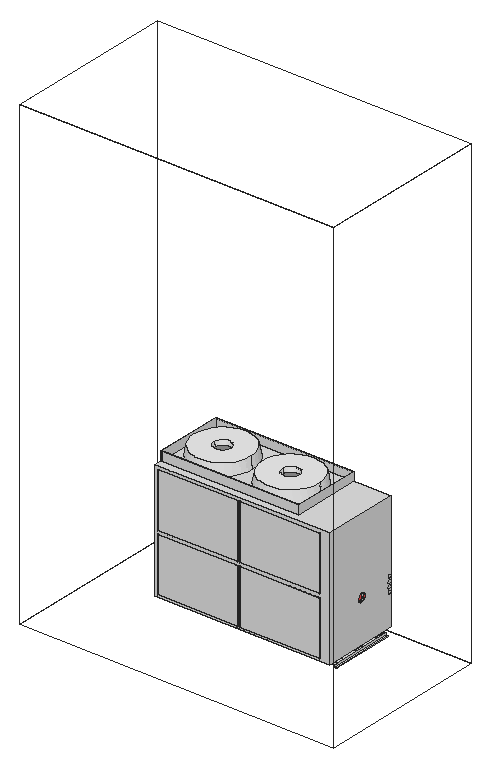
Revit family "HeatPump_AirToWater_Rheem_30kW_Vertical_LowGWP", category Mechanical Equipment, Revit 2021
Family settings
  Round Connector Dimension = Use Diameter
  Classification = None
  Part Type = Normal
  OmniClass Number = 23.33.17.00
  OmniClass Title = Heat Pumps
  Work Plane-Based = No
  Always vertical = Yes
  Cut with Voids When Loaded = No
  Shared = No
  Room Calculation Point = No
Parameters (values of type "Ducted (95203500)")
  Voltage = 230 V
  Uniclass2015Version = "v1.33"
  Uniclass2015Title = "Air to water heat pumps"
  Uniclass2015Code = "Pr_70_60_37_04"
  URL = "https://www.rheem.com.au/rheem/"
  Type Comments = "HeatPump - AirToWater - 35kW - Vertical - Ducted"
  ScreenMaterial = Metal_Vent_Rheem_HeatPump_Wire
  RequiredSpace [instance] = yes
  PowerFactor = 1
  ModifiedIssue = 20240801
  Model = "95203500"
  ManufacturerURLProductSpecific = "https://www.rheem.com.au/rheem/products/Commercial/Commercial-Heat-Pumps/Rheem-Commercial-Air-To-Water-Heat-Pumps/Air-to-Water-%28A2W%29-35kW-Commercial-Heat-Pump--Ducted/p/95203500"
  ManufacturerSpecCode = Model  # "95203500"
  ManufacturerOverallWidth = 1857 mm  # constant formula
  ManufacturerOverallHeight = 1404 mm  # constant formula
  ManufacturerOverallDepth = 807 mm  # constant formula
  ManufacturerHeightFromFFL [instance] = 0 mm
  Manufacturer = "Rheem"  # constant formula
  IfcExportType = "USERDEFINED"
  IfcExportAs = "IfcPump"
  FanMaterial = none
  FanHeight = 114 mm  # constant formula
  FanFrame = yes
  Description = "Rheem's Commercial Air to Water (A2W) Heat Pump is designed with the commercial user in mind. A truly commercial grade heat pump that delivers hot water up to 65°C with a system Coefficient of Performance (COP) up to 4.0 at 20°C ambient. Ducted models are designed to be connected to ducting to convey cold discharge air away from the heat pump air inlet if a sufficient supply of heat energy is not available in the installation area. Models are also available in vertical, horizontal and stackable options."
  Default Elevation = 0 mm
  CreatedByURL = "https://igsgroup.com.au"
  CreatedBy = "IGS BIM Solutions"  # constant formula
  BodyMaterial = Aluminium_PowderCoat_Rheem_White
  Assembly Code = "D3020"
  ApparentLoad = 29.78 VA
Reference planes
  plane 1 "Center (Front/Back)": y = 0
  plane 2 "Ref. Level": z = 0
  plane 3 "Center (Left/Right)": x = -9.5
  plane 4 "Back": y = 403.5
  plane 5 "Front": y = -403.5
  plane 6 "BodyRight": x = 919
  plane 7 "BodyLeft": x = -919
  plane 8 "Bottom": z = 0
  plane 9 "Centre (Elevation)": z = 1551
  plane 10 "Top": z = 1404
  plane 11 "PlinthTop": z = 49
  plane 12 "Plint": z = 24.5
  plane 13 "BodyTop": z = 1290
  plane 14 "FanFrameLeft": x = 533
  plane 15 "Connector1": z = 199
  plane 16 "Connector2": z = 528
  plane 17 "FanLeft": x = -561
  plane 18 "FanRight": x = 159
  plane 19 "RequiredSpaceLeft": x = -1538
  plane 20 "RequiredSpaceRight": x = 1769
  plane 21 "RequiredSpaceTop": z = 4904
  plane 22 "RequiredSpaceFront": y = -1403.5
  plane 23 "FanTop": z = 1380
  plane 24 "Left": x = -938
  plane 25 "BackRef1": z = 184
  plane 26 "BackRef2": z = 544
  plane 27 "BackRef3": z = 744
  plane 28 "BackRef4": z = 1104
  plane 29 "LogoCentreTop": z = 1140
  plane 30 "LogoCentreBottom": z = 500
Forms (mm)
  Extrusion 1, solid, material "Aluminium_PowderCoat_Rheem_White" <- "BodyMaterial"
    sketch origin (0, 0, 0) x (0, -1, 0) y (1, 0, 0)
      loop
        line (-403.5, -919) -> (398.5, -919) -> (398.5, 919) -> (-403.5, 919) -> (-403.5, -919)
    from 49 to 1290
  Extrusion 2, solid, material "Metal_Vent_Rheem_HeatPump_Wire" <- "ScreenMaterial"
    sketch origin (-33.5, -403.5, 0) x (1, 0, 0) y (0, 0, 1)
      loop
        line (-855.5, 679.5) -> (-16.5, 679.5) -> (-16.5, 1260) -> (-855.5, 1260) -> (-855.5, 679.5)
      loop
        line (-855.5, 69) -> (-16.5, 69) -> (-16.5, 649.5) -> (-855.5, 649.5) -> (-855.5, 69)
      loop
        line (852.5, 679.5) -> (852.5, 1260) -> (13.5, 1260) -> (13.5, 679.5) -> (852.5, 679.5)
      loop
        line (13.5, 69) -> (852.5, 69) -> (852.5, 649.5) -> (13.5, 649.5) -> (13.5, 69)
    from 0 to -5
  Extrusion 3, solid, material "RequiredSpace", visible <- "RequiredSpace"
    sketch origin (0, 0, 0) x (0, -1, 0) y (-1, 0, 0)
      loop
        line (-403.5, 1538) -> (-403.5, -1769) -> (1403.5, -1769) -> (1403.5, 1538) -> (-403.5, 1538)
    from 0 to -4904
  Extrusion 4, solid, material "Aluminium_PowderCoat_Rheem_White" <- "BodyMaterial"
    sketch origin (0, -403.5, 0) x (1, 0, 0) y (0, 0, 1)
      loop
        line (-919, 1290) -> (-919, 49) -> (919, 49) -> (919, 1290) -> (-919, 1290)
      loop
        line (-889, 679.5) -> (-50, 679.5) -> (-50, 1260) -> (-889, 1260) -> (-889, 679.5)
      loop
        line (-20, 679.5) -> (819, 679.5) -> (819, 1260) -> (-20, 1260) -> (-20, 679.5)
      loop
        line (819, 649.5) -> (-20, 649.5) -> (-20, 69) -> (819, 69) -> (819, 649.5)
      loop
        line (-50, 649.5) -> (-889, 649.5) -> (-889, 69) -> (-50, 69) -> (-50, 649.5)
    from 0 to -5
  Extrusion 5, solid, material "Aluminium_PowderCoat_Rheem_White" <- "BodyMaterial", visible <- "FanFrame"
    sketch origin (0, 0, 1290) x (0, -1, 0) y (1, 0, 0)
      loop
        line (-403.5, -919) -> (319.5, -919) -> (319.5, 533) -> (-403.5, 533) -> (-403.5, -919)
      loop
        line (-398.5, -914) -> (314.5, -914) -> (314.5, 528) -> (-398.5, 528) -> (-398.5, -914)
    from 0 to 90
  Extrusion 6, solid, material "Aluminium_PowderCoat_Rheem_White" <- "BodyMaterial"
    sketch origin (-9.5, 0, 0) x (0, 1, 0) y (0, 0, 1)
      loop
        line (-207.395, 49) -> (-237.395, 49) -> (-237.395, 29.5) -> (-307.414, 29.5) -> (-307.414, 49) -> (-337.5, 49) -> (-337.5, 44) -> (-312.5, 44) -> (-312.5, 24.5) -> (-232.395, 24.5) -> (-232.395, 44) -> (-207.395, 44) -> (-207.395, 49)
      loop
        line (337.5, 49) -> (307.5, 49) -> (307.5, 29.5) -> (237.481, 29.5) -> (237.481, 49) -> (207.395, 49) -> (207.395, 44) -> (232.395, 44) -> (232.395, 24.5) -> (312.5, 24.5) -> (312.5, 44) -> (337.5, 44) -> (337.5, 49)
      loop
        line (65.052, 49) -> (35.052, 49) -> (35.052, 29.5) -> (-34.967, 29.5) -> (-34.967, 49) -> (-65.052, 49) -> (-65.052, 44) -> (-40.052, 44) -> (-40.052, 24.5) -> (40.052, 24.5) -> (40.052, 44) -> (65.052, 44) -> (65.052, 49)
    from -928.5 to 928.5
  Extrusion 7, solid, material "Aluminium_PowderCoat_Rheem_White", detail levels medium+fine
    sketch origin (-919, -104, 0) x (0, 1, 0) y (0, 0, 1)
      loop
        circle (368.5, 199) r 25
      loop
        circle (368.5, 528) r 25
    from -71 to 0
  Extrusion 8, solid, material "Aluminium_PowderCoat_Rheem_White", detail levels medium+fine
    sketch origin (-919, -487, 0) x (0, 1, 0) y (0, 0, 1)
      loop
        circle (248.5, 59) r 10
    from -50 to 0
  Extrusion 9, solid, material "Aluminium_PowderCoat_Rheem_White", detail levels medium+fine
    sketch origin (919, 0, -134) x (0, 1, 0) y (0, 0, 1)
      loop
        circle (376.5, 678) r 15
      loop
        circle (376.5, 628) r 15
      loop
        circle (376.5, 578) r 15
      loop
        circle (376.5, 528) r 15
    from 0 to 5
  Extrusion 10, void
    sketch origin (0, 0, 0) x (1, 0, 0) y (0, 0, 1)
      loop
        line (-938, 49) -> (-938, 24.5) -> (-885.46, 49) -> (-938, 49)
      loop
        line (919, 49) -> (866.46, 49) -> (919, 24.5) -> (919, 49)
    from 337.5 to -337.5
  Extrusion 11, solid, material "Aluminium_PowderCoat_Rheem_White" <- "BodyMaterial"
    sketch origin (0, 0, 0) x (1, 0, 0) y (0, 0, 1)
      loop
        line (944, 0) -> (944, 5) -> (919, 5) -> (919, 24.5) -> (839, 24.5) -> (839, 5) -> (814, 5) -> (814, 0) -> (844, 0) -> (844, 19.5) -> (914, 19.5) -> (914, 0) -> (944, 0)
    from -337.5 to 337.5
Cuts and joins
  Extrusion 10 cuts Extrusion 1
  Extrusion 10 cuts Extrusion 4
  joined: Extrusion 1, Extrusion 4
  Extrusion 10 cuts Extrusion 6
Lines and regions (mm)
  Masking region 1
    outline origin (0, 0, 1290) x (0, -1, 0) y (1, 0, 0)
      loop
        line (-403.5, -919) -> (-312.5, -919) -> (-312.5, -938) -> (-232.395, -938) -> (-232.395, -919) -> (-40.052, -919) -> (-40.052, -938) -> (40.052, -938) -> (40.052, -919) -> (232.395, -919) -> (232.395, -938) -> (312.5, -938) -> (312.5, -919) -> (403.5, -919) -> (403.5, 919) -> (337.5, 919) -> (337.5, 944) -> (-337.5, 944) -> (-337.5, 919) -> (-403.5, 919) -> (-403.5, -919)
  model lines, detail levels medium+fine
    curve 1: line (-739, 403.5, 1104) -> (739, 403.5, 1104)
    curve 2: arc (739, 403.5, 1104) -> (795.569, 403.5, 1080.569) -> (819, 403.5, 1024) r 80
    curve 3: line (819, 403.5, 1024) -> (819, 403.5, 824)
    curve 4: arc (819, 403.5, 824) -> (795.569, 403.5, 767.431) -> (739, 403.5, 744) r 80
    curve 5: line (739, 403.5, 744) -> (-739, 403.5, 744)
    curve 6: arc (-739, 403.5, 744) -> (-795.569, 403.5, 767.431) -> (-819, 403.5, 824) r 80
    curve 7: line (-819, 403.5, 824) -> (-819, 403.5, 1024)
    curve 8: arc (-819, 403.5, 1024) -> (-795.569, 403.5, 1080.569) -> (-739, 403.5, 1104) r 80
    curve 9: line (-739, 403.5, 544) -> (739, 403.5, 544)
    curve 10: arc (739, 403.5, 544) -> (795.569, 403.5, 520.569) -> (819, 403.5, 464) r 80
    curve 11: line (819, 403.5, 464) -> (819, 403.5, 264)
    curve 12: arc (819, 403.5, 264) -> (795.569, 403.5, 207.431) -> (739, 403.5, 184) r 80
    curve 13: line (739, 403.5, 184) -> (-739, 403.5, 184)
    curve 14: arc (-739, 403.5, 184) -> (-795.569, 403.5, 207.431) -> (-819, 403.5, 264) r 80
    curve 15: line (-819, 403.5, 264) -> (-819, 403.5, 464)
    curve 16: arc (-819, 403.5, 464) -> (-795.569, 403.5, 520.569) -> (-739, 403.5, 544) r 80
  symbolic lines, style "Required Space", visible <- "RequiredSpace"
    curve 17: line (-1538, 403.5, 900) -> (1769, 403.5, 900)
    curve 18: line (-1538, -1403.5, 900) -> (-1538, 403.5, 900)
    curve 19: line (1769, -1403.5, 900) -> (-1538, -1403.5, 900)
    curve 20: line (1769, 403.5, 900) -> (1769, -1403.5, 900)
  symbolic lines, style "Plant Equipment", visible <- "FanFrame", detail levels medium+fine
    curve 21: line (533, -319.5, 1290) -> (-919, -319.5, 1290)
    curve 22: line (533, 403.5, 1290) -> (533, -319.5, 1290)
    curve 23: line (528, 398.5, 1290) -> (528, -314.5, 1290)
    curve 24: line (528, -314.5, 1290) -> (-914, -314.5, 1290)
    curve 25: line (-914, -314.5, 1290) -> (-914, 398.5, 1290)
    curve 26: line (-914, 398.5, 1290) -> (528, 398.5, 1290)
    curve 31: line (-919, -322.5, 1290) -> (-919, -319.5, 1290)
  symbolic lines, style "Plant Equipment", detail levels medium+fine
    curve 27: circle (159, 42, 1290) r 320 normal (0, 0, 1)
    curve 28: line (919, 337.5, 1290) -> (919, -337.5, 1290)
    curve 29: line (-919, 312.5, 1290) -> (-919, 232.5, 1290)
    curve 30: line (-919, -232.395, 1290) -> (-919, -312.5, 1290)
    curve 32: circle (159, 42, 1290) r 220 normal (0, 0, 1)
    curve 33: circle (159, 42, 1290) r 200 normal (0, 0, 1)
    curve 34: circle (159, 42, 1290) r 180 normal (0, 0, 1)
    curve 35: circle (159, 42, 1290) r 160 normal (0, 0, 1)
    curve 36: circle (159, 42, 1290) r 140 normal (0, 0, 1)
    curve 37: circle (159, 42, 1290) r 120 normal (0, 0, 1)
    curve 38: circle (159, 42, 1290) r 100 normal (0, 0, 1)
    curve 39: circle (159, 42, 1290) r 240 normal (0, 0, 1)
    curve 40: circle (159, 42, 1290) r 260 normal (0, 0, 1)
    curve 41: circle (159, 42, 1290) r 280 normal (0, 0, 1)
    curve 42: circle (159, 42, 1290) r 300 normal (0, 0, 1)
    curve 43: circle (159, 42, 1290) r 80 normal (0, 0, 1)
    curve 44: circle (-561, 42, 1290) r 320 normal (0, 0, 1)
    curve 45: circle (-561, 42, 1290) r 220 normal (0, 0, 1)
    curve 46: circle (-561, 42, 1290) r 200 normal (0, 0, 1)
    curve 47: circle (-561, 42, 1290) r 180 normal (0, 0, 1)
    curve 48: circle (-561, 42, 1290) r 160 normal (0, 0, 1)
    curve 49: circle (-561, 42, 1290) r 140 normal (0, 0, 1)
    curve 50: circle (-561, 42, 1290) r 120 normal (0, 0, 1)
    curve 51: circle (-561, 42, 1290) r 100 normal (0, 0, 1)
    curve 52: circle (-561, 42, 1290) r 240 normal (0, 0, 1)
    curve 53: circle (-561, 42, 1290) r 260 normal (0, 0, 1)
    curve 54: circle (-561, 42, 1290) r 280 normal (0, 0, 1)
    curve 55: circle (-561, 42, 1290) r 300 normal (0, 0, 1)
    curve 56: circle (-561, 42, 1290) r 80 normal (0, 0, 1)
    curve 57: line (-919, 40.052, 1290) -> (-919, -39.948, 1290)
  model lines, style "Plant Equipment", detail levels medium+fine
    curve 58: line (919, -303.5, 1290) -> (919, -303.5, 49)
    curve 59: line (919, 337.5, 1290) -> (919, 337.5, 49)
    curve 60: line (919, 337.5, 600) -> (919, -303.5, 600)
    curve 61: line (-919, 220.5, 1290) -> (-919, 220.5, 49)
    curve 62: line (-919, -198.5, 1290) -> (-919, -198.5, 49)
Text (mm)
  text "Disclaimer:\nDue to ongoing product development and manufacturing \nevolution, product details are subject to change without \nnotice. Please refer to product technical data sheets on \nthe manufacturers website for the most current product \ninformation. Please allow a +/- 5mm manufacturing \ntolerance for dimensions and set-outs shown in product \nliterature." at (985.527, 159.228, 0), in view "Ref. Level"
Dimensions and locks
  equal spacing: plane 24 "Left", plane 3 "Center (Left/Right)", plane 6 "BodyRight"
  equal spacing: plane 5 "Front", plane 1 "Center (Front/Back)", plane 4 "Back"
  "ManufacturerOverallDepth": plane 5 "Front" to plane 4 "Back"
  "ManufacturerOverallHeight": plane 10 "Top" to plane 8 "Bottom"
  "ManufacturerHeightFromFFL": plane 8 "Bottom" to plane 2 "Ref. Level"
  locked: plane 11 "PlinthTop" to plane 8 "Bottom" at 49
  equal spacing: plane 11 "PlinthTop", plane 12 "Plint", plane 8 "Bottom"
  locked: plane 17 "FanLeft" to plane 18 "FanRight" at 720
  locked: plane 21 "RequiredSpaceTop" to plane 10 "Top" at 3500
  locked: plane 22 "RequiredSpaceFront" to plane 5 "Front" at 1000
  locked: plane 19 "RequiredSpaceLeft" to plane 24 "Left" at 600
  plane 6 "BodyRight" to plane 20 "RequiredSpaceRight" = 850 mm
  locked: plane 24 "Left" to plane 7 "BodyLeft" at 19
  "ManufacturerOverallWidth": plane 24 "Left" to plane 6 "BodyRight"
  locked: plane 15 "Connector1" to plane 8 "Bottom" at 199
  plane 16 "Connector2" to plane 15 "Connector1" = 329 mm
  locked: plane 23 "FanTop" to plane 13 "BodyTop" at 90
  plane 25 "BackRef1" to plane 26 "BackRef2" to plane 27 "BackRef3" to plane 28 "BackRef4" = 360 mm locked, 200 mm locked, 360 mm locked
  locked: plane 11 "PlinthTop" to plane 25 "BackRef1" at 135
  plane 7 "BodyLeft" to plane 6 "BodyRight" = 1838 mm
  locked: plane 7 "BodyLeft" to plane 17 "FanLeft" at 358
  locked: plane 29 "LogoCentreTop" to plane 13 "BodyTop" at 150
  locked: plane 7 "BodyLeft" to plane 14 "FanFrameLeft" at 1452
  locked: plane 13 "BodyTop" to plane 8 "Bottom" at 1290
  locked: plane 30 "LogoCentreBottom" to plane 8 "Bottom" at 500
  aligned and locked: level to plane 2 "Ref. Level"
  aligned and locked: plane 11 "PlinthTop" to Extrusion 1
  aligned and locked: Extrusion 1 to plane 13 "BodyTop"
  aligned and locked: Extrusion 3 to plane 21 "RequiredSpaceTop"
  aligned and locked: curve 19 to plane 22 "RequiredSpaceFront"
  aligned and locked: Extrusion 3 sketch curve to plane 22 "RequiredSpaceFront"
  aligned and locked: plane 8 "Bottom" to Extrusion 3
  aligned and locked: Extrusion 3 to plane 4 "Back"
  aligned and locked: Extrusion 1 sketch curve to plane 4 "Back"
  aligned and locked: plane 11 "PlinthTop" to Extrusion 4
  aligned and locked: Extrusion 5 to plane 23 "FanTop"
  aligned and locked: plane 6 "BodyRight" to Extrusion 6
  aligned and locked: plane 24 "Left" to Extrusion 6
  aligned and locked: Extrusion 1 to plane 7 "BodyLeft"
  aligned and locked: Extrusion 4 to plane 7 "BodyLeft"
  aligned and locked: plane 15 "Connector1" to Extrusion 7 sketch curve
  aligned and locked: plane 16 "Connector2" to Extrusion 7 sketch curve
  aligned and locked: plane 24 "Left" to Extrusion 10 sketch curve
  aligned and locked: Extrusion 10 sketch curve to plane 11 "PlinthTop"
  aligned and locked: Extrusion 10 sketch curve to plane 6 "BodyRight"
  aligned and locked: plane 17 "FanLeft" to nested 1
  aligned and locked: plane 18 "FanRight" to nested 2
  aligned and locked: plane 29 "LogoCentreTop" to nested 4
  aligned and locked: plane 30 "LogoCentreBottom" to nested 3
  aligned and locked: Extrusion 10 to cut or joined group of Extrusion 6, Extrusion 10
  aligned and locked: Extrusion 2 sketch curve to cut or joined group of Extrusion 1, Extrusion 4, Extrusion 10  (x16)
  aligned and locked: plane 13 "BodyTop" to curve 62
  aligned and locked: plane 13 "BodyTop" to curve 61
  aligned and locked: plane 11 "PlinthTop" to curve 62
  aligned and locked: plane 11 "PlinthTop" to curve 61
Automatic sketch dimensions
  Extrusion 1 sketch curve to plane 7 "BodyLeft" = 0 mm
  Extrusion 1 sketch curve to plane 6 "BodyRight" = 0 mm
  Extrusion 1 sketch curve to plane 5 "Front" = 5 mm
  curve 9 to plane 26 "BackRef2" = 0 mm
  curve 8 to plane 28 "BackRef4" = 0 mm
  curve 5 to plane 27 "BackRef3" = 0 mm
  curve 14 to plane 25 "BackRef1" = 0 mm
  plane 7 "BodyLeft" to curve 7 = 100 mm
  plane 30 "LogoCentreBottom" to curve 15 = 36 mm
  plane 7 "BodyLeft" to curve 15 = 100 mm
  curve 14 to plane 15 "Connector1" = 65 mm
  curve 6 to curve 5 = 80 mm
  plane 28 "BackRef4" to curve 8 = 80 mm
  curve 9 to plane 6 "BodyRight" = 180 mm
  curve 1 to plane 6 "BodyRight" = 180 mm
  curve 12 to plane 15 "Connector1" = 65 mm
  curve 12 to plane 6 "BodyRight" = 180 mm
  curve 4 to plane 27 "BackRef3" = 80 mm
  curve 4 to plane 6 "BodyRight" = 180 mm
  plane 4 "Back" to Extrusion 3 sketch curve = 0 mm
  Extrusion 3 sketch curve to plane 19 "RequiredSpaceLeft" = 0 mm
  Extrusion 3 sketch curve to plane 20 "RequiredSpaceRight" = 0 mm
  plane 4 "Back" to curve 17 = 0 mm
  curve 19 to plane 19 "RequiredSpaceLeft" = 0 mm
  curve 19 to plane 20 "RequiredSpaceRight" = 0 mm
  Extrusion 4 sketch curve to plane 7 "BodyLeft" = 0 mm
  Extrusion 4 sketch curve to plane 6 "BodyRight" = 0 mm
  Extrusion 4 sketch curve to plane 11 "PlinthTop" = 0 mm
  Extrusion 4 sketch curve to plane 13 "BodyTop" = 0 mm
  plane 7 "BodyLeft" to Extrusion 4 sketch curve = 30 mm  (x2)
  Extrusion 4 sketch curve to plane 3 "Center (Left/Right)" = 40.5 mm  (x2)
  Extrusion 4 sketch curve to plane 11 "PlinthTop" = 20 mm  (x2)
  Extrusion 4 sketch curve to plane 3 "Center (Left/Right)" = 10.5 mm  (x2)
  Extrusion 4 sketch curve to plane 6 "BodyRight" = 100 mm
  Extrusion 4 sketch curve to Extrusion 4 sketch curve = 0 mm  (x2)
  plane 27 "BackRef3" to Extrusion 4 sketch curve = 94.5 mm  (x2)
  Extrusion 4 sketch curve to Extrusion 4 sketch curve = 30 mm  (x2)
  plane 13 "BodyTop" to Extrusion 4 sketch curve = 30 mm
  plane 4 "Back" to Extrusion 5 sketch curve = 0 mm
  Extrusion 5 sketch curve to plane 14 "FanFrameLeft" = 0 mm
  Extrusion 5 sketch curve to plane 7 "BodyLeft" = 0 mm
  plane 4 "Back" to Extrusion 5 sketch curve = 5 mm
  plane 7 "BodyLeft" to Extrusion 5 sketch curve = 5 mm
  Extrusion 5 sketch curve to plane 5 "Front" = 89 mm
  Extrusion 5 sketch curve to Extrusion 5 sketch curve = 5 mm
  Extrusion 5 sketch curve to plane 14 "FanFrameLeft" = 5 mm
  plane 11 "PlinthTop" to Extrusion 6 sketch curve = 0 mm  (x6)
  plane 12 "Plint" to Extrusion 6 sketch curve = 0 mm  (x3)
  plane 11 "PlinthTop" to Extrusion 6 sketch curve = 5 mm  (x6)
  Extrusion 6 sketch curve to plane 5 "Front" = 66 mm
  Extrusion 6 sketch curve to Extrusion 6 sketch curve = 25 mm  (x6)
  Extrusion 6 sketch curve to Extrusion 6 sketch curve = 5.086 mm  (x3)
  Extrusion 6 sketch curve to Extrusion 6 sketch curve = 70.019 mm  (x2)
  Extrusion 6 sketch curve to Extrusion 6 sketch curve = 5 mm  (x3)
  plane 1 "Center (Front/Back)" to Extrusion 6 sketch curve = 65.052 mm
  Extrusion 6 sketch curve to plane 12 "Plint" = 5 mm  (x3)
  Extrusion 6 sketch curve to plane 1 "Center (Front/Back)" = 35.052 mm
  Extrusion 6 sketch curve to Extrusion 6 sketch curve = 142.343 mm
  plane 4 "Back" to Masking region 1 sketch curve = 0 mm
  Masking region 1 sketch curve to plane 6 "BodyRight" = 0 mm  (x2)
  Masking region 1 sketch curve to plane 24 "Left" = 0 mm  (x3)
  Masking region 1 sketch curve to plane 7 "BodyLeft" = 0 mm  (x4)
  Masking region 1 sketch curve to plane 5 "Front" = 0 mm
  plane 6 "BodyRight" to Masking region 1 sketch curve = 25 mm
  plane 4 "Back" to Masking region 1 sketch curve = 66 mm
  plane 4 "Back" to Masking region 1 sketch curve = 91 mm
  Masking region 1 sketch curve to Masking region 1 sketch curve = 80.105 mm  (x2)
  Masking region 1 sketch curve to plane 1 "Center (Front/Back)" = 40.052 mm
  plane 1 "Center (Front/Back)" to Masking region 1 sketch curve = 40.052 mm
  Masking region 1 sketch curve to plane 5 "Front" = 171.105 mm
  Masking region 1 sketch curve to plane 5 "Front" = 66 mm
  plane 4 "Back" to Extrusion 7 sketch curve = 139 mm  (x2)
  Extrusion 8 sketch curve to plane 11 "PlinthTop" = 10 mm
  Extrusion 8 sketch curve to plane 5 "Front" = 165 mm
  plane 26 "BackRef2" to Extrusion 9 sketch curve = 0 mm
  plane 30 "LogoCentreBottom" to Extrusion 9 sketch curve = 6 mm
  plane 4 "Back" to Extrusion 9 sketch curve = 27 mm  (x4)
  Extrusion 9 sketch curve to Extrusion 9 sketch curve = 50 mm  (x2)
  Extrusion 10 sketch curve to plane 11 "PlinthTop" = 0 mm
  Extrusion 10 sketch curve to plane 12 "Plint" = 0 mm  (x2)
  plane 7 "BodyLeft" to Extrusion 10 sketch curve = 33.54 mm
  Extrusion 10 sketch curve to plane 6 "BodyRight" = 52.54 mm
  curve 27 to curve 32 = 0 mm  (x2)
  curve 27 to curve 33 = 0 mm  (x2)
  curve 27 to curve 34 = 0 mm  (x2)
  curve 27 to curve 35 = 0 mm  (x2)
  curve 27 to curve 36 = 0 mm  (x2)
  curve 27 to curve 37 = 0 mm  (x2)
  curve 27 to curve 38 = 0 mm  (x2)
  curve 27 to curve 39 = 0 mm  (x2)
  curve 27 to curve 40 = 0 mm  (x2)
  curve 27 to curve 41 = 0 mm  (x2)
  curve 27 to curve 42 = 0 mm  (x2)
  curve 27 to curve 43 = 0 mm  (x2)
  curve 32 to curve 33 = 0 mm  (x2)
  curve 32 to curve 34 = 0 mm  (x2)
  curve 32 to curve 35 = 0 mm  (x2)
  curve 32 to curve 36 = 0 mm  (x2)
  curve 32 to curve 37 = 0 mm  (x2)
  curve 32 to curve 38 = 0 mm  (x2)
  curve 32 to curve 39 = 0 mm  (x2)
  curve 32 to curve 40 = 0 mm  (x2)
  curve 32 to curve 41 = 0 mm  (x2)
  curve 32 to curve 42 = 0 mm  (x2)
  curve 32 to curve 43 = 0 mm  (x2)
  curve 33 to curve 34 = 0 mm  (x2)
  curve 33 to curve 35 = 0 mm  (x2)
  curve 33 to curve 36 = 0 mm  (x2)
  curve 33 to curve 37 = 0 mm  (x2)
  curve 33 to curve 38 = 0 mm  (x2)
  curve 33 to curve 39 = 0 mm  (x2)
  curve 33 to curve 40 = 0 mm  (x2)
  curve 33 to curve 41 = 0 mm  (x2)
  curve 33 to curve 42 = 0 mm  (x2)
  curve 33 to curve 43 = 0 mm  (x2)
  curve 34 to curve 35 = 0 mm  (x2)
  curve 34 to curve 36 = 0 mm  (x2)
  curve 34 to curve 37 = 0 mm  (x2)
  curve 34 to curve 38 = 0 mm  (x2)
  curve 34 to curve 39 = 0 mm  (x2)
  curve 34 to curve 40 = 0 mm  (x2)
  curve 34 to curve 41 = 0 mm  (x2)
  curve 34 to curve 42 = 0 mm  (x2)
  curve 34 to curve 43 = 0 mm  (x2)
  curve 35 to curve 36 = 0 mm  (x2)
  curve 35 to curve 37 = 0 mm  (x2)
  curve 35 to curve 38 = 0 mm  (x2)
  curve 35 to curve 39 = 0 mm  (x2)
  curve 35 to curve 40 = 0 mm  (x2)
  curve 35 to curve 41 = 0 mm  (x2)
  curve 35 to curve 42 = 0 mm  (x2)
  curve 35 to curve 43 = 0 mm  (x2)
  curve 36 to curve 37 = 0 mm  (x2)
  curve 36 to curve 38 = 0 mm  (x2)
  curve 36 to curve 39 = 0 mm  (x2)
  curve 36 to curve 40 = 0 mm  (x2)
  curve 36 to curve 41 = 0 mm  (x2)
  curve 36 to curve 42 = 0 mm  (x2)
  curve 36 to curve 43 = 0 mm  (x2)
  curve 37 to curve 38 = 0 mm  (x2)
  curve 37 to curve 39 = 0 mm  (x2)
  curve 37 to curve 40 = 0 mm  (x2)
  curve 37 to curve 41 = 0 mm  (x2)
  curve 37 to curve 42 = 0 mm  (x2)
  curve 37 to curve 43 = 0 mm  (x2)
  curve 38 to curve 39 = 0 mm  (x2)
  curve 38 to curve 40 = 0 mm  (x2)
  curve 38 to curve 41 = 0 mm  (x2)
  curve 38 to curve 42 = 0 mm  (x2)
  curve 38 to curve 43 = 0 mm  (x2)
  curve 39 to curve 40 = 0 mm  (x2)
  curve 39 to curve 41 = 0 mm  (x2)
  curve 39 to curve 42 = 0 mm  (x2)
  curve 39 to curve 43 = 0 mm  (x2)
  curve 40 to curve 41 = 0 mm  (x2)
  curve 40 to curve 42 = 0 mm  (x2)
  curve 40 to curve 43 = 0 mm  (x2)
  curve 41 to curve 42 = 0 mm  (x2)
  curve 41 to curve 43 = 0 mm  (x2)
  curve 42 to curve 43 = 0 mm  (x2)
  curve 44 to curve 45 = 0 mm  (x2)
  curve 44 to curve 46 = 0 mm  (x2)
  curve 44 to curve 47 = 0 mm  (x2)
  curve 44 to curve 48 = 0 mm  (x2)
  curve 44 to curve 49 = 0 mm  (x2)
  curve 44 to curve 50 = 0 mm  (x2)
  curve 44 to curve 51 = 0 mm  (x2)
  curve 44 to curve 52 = 0 mm  (x2)
  curve 44 to curve 53 = 0 mm  (x2)
  curve 44 to curve 54 = 0 mm  (x2)
  curve 44 to curve 55 = 0 mm  (x2)
  curve 44 to curve 56 = 0 mm  (x2)
  curve 45 to curve 46 = 0 mm  (x2)
  curve 45 to curve 47 = 0 mm  (x2)
  curve 45 to curve 48 = 0 mm  (x2)
  curve 45 to curve 49 = 0 mm  (x2)
  curve 45 to curve 50 = 0 mm  (x2)
  curve 45 to curve 51 = 0 mm  (x2)
  curve 45 to curve 52 = 0 mm  (x2)
  curve 45 to curve 53 = 0 mm  (x2)
  curve 45 to curve 54 = 0 mm  (x2)
  curve 45 to curve 55 = 0 mm  (x2)
  curve 45 to curve 56 = 0 mm  (x2)
  curve 46 to curve 47 = 0 mm  (x2)
  curve 46 to curve 48 = 0 mm  (x2)
  curve 46 to curve 49 = 0 mm  (x2)
  curve 46 to curve 50 = 0 mm  (x2)
  curve 46 to curve 51 = 0 mm  (x2)
  curve 46 to curve 52 = 0 mm  (x2)
  curve 46 to curve 53 = 0 mm  (x2)
  curve 46 to curve 54 = 0 mm  (x2)
  curve 46 to curve 55 = 0 mm  (x2)
  curve 46 to curve 56 = 0 mm  (x2)
  curve 47 to curve 48 = 0 mm  (x2)
  curve 47 to curve 49 = 0 mm  (x2)
  curve 47 to curve 50 = 0 mm  (x2)
  curve 47 to curve 51 = 0 mm  (x2)
  curve 47 to curve 52 = 0 mm  (x2)
  curve 47 to curve 53 = 0 mm  (x2)
  curve 47 to curve 54 = 0 mm  (x2)
  curve 47 to curve 55 = 0 mm  (x2)
  curve 47 to curve 56 = 0 mm  (x2)
  curve 48 to curve 49 = 0 mm  (x2)
  curve 48 to curve 50 = 0 mm  (x2)
  curve 48 to curve 51 = 0 mm  (x2)
  curve 48 to curve 52 = 0 mm  (x2)
  curve 48 to curve 53 = 0 mm  (x2)
  curve 48 to curve 54 = 0 mm  (x2)
  curve 48 to curve 55 = 0 mm  (x2)
  curve 48 to curve 56 = 0 mm  (x2)
  curve 49 to curve 50 = 0 mm  (x2)
  curve 49 to curve 51 = 0 mm  (x2)
  curve 49 to curve 52 = 0 mm  (x2)
  curve 49 to curve 53 = 0 mm  (x2)
  curve 49 to curve 54 = 0 mm  (x2)
  curve 49 to curve 55 = 0 mm  (x2)
  curve 49 to curve 56 = 0 mm  (x2)
  curve 50 to curve 51 = 0 mm  (x2)
  curve 50 to curve 52 = 0 mm  (x2)
  curve 50 to curve 53 = 0 mm  (x2)
  curve 50 to curve 54 = 0 mm  (x2)
  curve 50 to curve 55 = 0 mm  (x2)
  curve 50 to curve 56 = 0 mm  (x2)
  curve 51 to curve 52 = 0 mm  (x2)
  curve 51 to curve 53 = 0 mm  (x2)
  curve 51 to curve 54 = 0 mm  (x2)
  curve 51 to curve 55 = 0 mm  (x2)
  curve 51 to curve 56 = 0 mm  (x2)
  curve 52 to curve 53 = 0 mm  (x2)
  curve 52 to curve 54 = 0 mm  (x2)
  curve 52 to curve 55 = 0 mm  (x2)
  curve 52 to curve 56 = 0 mm  (x2)
  curve 53 to curve 54 = 0 mm  (x2)
  curve 53 to curve 55 = 0 mm  (x2)
  curve 53 to curve 56 = 0 mm  (x2)
  curve 54 to curve 55 = 0 mm  (x2)
  curve 54 to curve 56 = 0 mm  (x2)
  curve 55 to curve 56 = 0 mm  (x2)
  plane 4 "Back" to curve 22 = 0 mm
  curve 28 to plane 6 "BodyRight" = 0 mm
  curve 29 to plane 7 "BodyLeft" = 0 mm
  curve 54 to plane 17 "FanLeft" = 0 mm
  curve 27 to plane 18 "FanRight" = 0 mm
  curve 57 to plane 7 "BodyLeft" = 0 mm
  curve 30 to plane 7 "BodyLeft" = 0 mm
  curve 21 to plane 7 "BodyLeft" = 0 mm
  curve 22 to plane 14 "FanFrameLeft" = 0 mm
  plane 4 "Back" to curve 26 = 5 mm
  curve 54 to plane 1 "Center (Front/Back)" = 42 mm
  curve 27 to plane 1 "Center (Front/Back)" = 42 mm
  curve 24 to plane 14 "FanFrameLeft" = 5 mm
  curve 24 to plane 5 "Front" = 89 mm
  curve 24 to curve 21 = 5 mm
  plane 7 "BodyLeft" to curve 26 = 5 mm
  plane 4 "Back" to curve 28 = 66 mm
  curve 25 to curve 29 = 86 mm
  curve 29 to curve 29 = 80 mm
  curve 57 to plane 1 "Center (Front/Back)" = 40.052 mm
  plane 1 "Center (Front/Back)" to curve 57 = 39.948 mm
  curve 30 to curve 24 = 82.105 mm
  curve 30 to curve 24 = 2 mm
  curve 21 to curve 31 = 3 mm
  curve 28 to plane 5 "Front" = 66 mm
  plane 11 "PlinthTop" to curve 58 = 0 mm
  plane 13 "BodyTop" to curve 58 = 0 mm
  plane 11 "PlinthTop" to curve 59 = 0 mm
  plane 13 "BodyTop" to curve 59 = 0 mm
  curve 58 to plane 5 "Front" = 100 mm
  plane 4 "Back" to curve 60 = 66 mm
  curve 60 to plane 26 "BackRef2" = 56 mm
  plane 1 "Center (Front/Back)" to curve 62 = 198.5 mm
  plane 4 "Back" to curve 61 = 183 mm
  Extrusion 11 sketch curve to plane 8 "Bottom" = 0 mm  (x2)
  Extrusion 11 sketch curve to plane 12 "Plint" = 0 mm
  Extrusion 11 sketch curve to plane 6 "BodyRight" = 0 mm
  Extrusion 11 sketch curve to plane 6 "BodyRight" = 5 mm
  Extrusion 11 sketch curve to Extrusion 11 sketch curve = 70 mm
  Extrusion 11 sketch curve to Extrusion 11 sketch curve = 5 mm
  Extrusion 11 sketch curve to Extrusion 11 sketch curve = 25 mm  (x2)
  Extrusion 11 sketch curve to plane 8 "Bottom" = 5 mm  (x2)
  plane 12 "Plint" to Extrusion 11 sketch curve = 5 mm
  radius of Extrusion 7 sketch curve = 25 mm  (x2)
  radius of Extrusion 8 sketch curve = 10 mm
  radius of Extrusion 9 sketch curve = 15 mm  (x4)
  radius of curve 27 = 320 mm
  radius of curve 32 = 220 mm
  radius of curve 33 = 200 mm
  radius of curve 34 = 180 mm
  radius of curve 35 = 160 mm
  radius of curve 36 = 140 mm
  radius of curve 37 = 120 mm
  radius of curve 38 = 100 mm
  radius of curve 39 = 240 mm
  radius of curve 40 = 260 mm
  radius of curve 41 = 280 mm
  radius of curve 42 = 300 mm
  radius of curve 43 = 80 mm
  radius of curve 44 = 320 mm
  radius of curve 45 = 220 mm
  radius of curve 46 = 200 mm
  radius of curve 47 = 180 mm
  radius of curve 48 = 160 mm
  radius of curve 49 = 140 mm
  radius of curve 50 = 120 mm
  radius of curve 51 = 100 mm
  radius of curve 52 = 240 mm
  radius of curve 53 = 260 mm
  radius of curve 54 = 280 mm
  radius of curve 55 = 300 mm
  radius of curve 56 = 80 mm
Nested families
  nested 1: "z_HeatPump_Rheem_Fan_LowGWP" at (-561, 42, 1290), type "Type 1"
    with Radius2 300 mm, Radius1 320 mm, ManufacturerOverallWidth 640 mm, ManufacturerOverallLength 640 mm, ManufacturerOverallHeight 114 mm, FanHeight 114 mm
  nested 2: "z_HeatPump_Rheem_Fan_LowGWP" at (159, 42, 1290), type "Type 1"
    with Radius2 300 mm, Radius1 320 mm, ManufacturerOverallWidth 640 mm, ManufacturerOverallLength 640 mm, ManufacturerOverallHeight 114 mm, FanHeight 114 mm
  nested 3: "z_Rheem_Logo" at (919, 17, 500) x (0, 1, 0) z (1, 0, 0), type "Type 1", detail levels medium+fine
  nested 4: "z_Rheem_Logo" at (-919, 11, 1140) x (0, -1, 0) z (-1, 0, 0), type "Type 1", detail levels medium+fine
Connectors
  piping at (-990, 264.5, 199), diameter 41
    settings: on Extrusion 7, index 1, connector inside diameter 609.6 mm, connector length 0 mm, flow factor 0, pipe flow 0.0 L/s, pressure drop 0.0 Pa, fitting loss kfactor 0, connector angle 0.00°, fixture units 0, engagement length 0 mm, angle of deflection 0.00°, flow configuration 1, flow direction 1, fitting loss method 0, system type 20, joint type 0, gender type 0, connector reference index -1, connector utility 0, adjustable connector no, is connector primary yes, connector description "Cold Water Supply"
  piping at (-969, -238.5, 59), diameter 20
    settings: on Extrusion 8, index 2, connector inside diameter 609.6 mm, connector length 0 mm, flow factor 0, pipe flow 0.0 L/s, pressure drop 0.0 Pa, fitting loss kfactor 0, connector angle 0.00°, fixture units 0, engagement length 0 mm, angle of deflection 0.00°, flow configuration 1, flow direction 2, fitting loss method 0, system type 16, joint type 0, gender type 0, connector reference index -1, connector utility 0, adjustable connector no, is connector primary no, connector description ""
  piping at (-990, 264.5, 528), diameter 41
    settings: on Extrusion 7, index 3, connector inside diameter 609.6 mm, connector length 0 mm, flow factor 0, pipe flow 0.0 L/s, pressure drop 0.0 Pa, fitting loss kfactor 0, connector angle 0.00°, fixture units 0, engagement length 0 mm, angle of deflection 0.00°, flow configuration 1, flow direction 2, fitting loss method 0, system type 19, joint type 0, gender type 0, connector reference index -1, connector utility 0, adjustable connector no, is connector primary no, connector description "Hot Water Supply"
  electrical at (924, 376.5, 544), driven by "Voltage", driven by "ApparentLoad", driven by "PowerFactor"
    settings: on Extrusion 9, index 4, voltage 230 V, apparent load 29.78 VA, apparent load phase1 0 VA, apparent load phase2 0 VA, apparent load phase3 0 VA, power factor 1, load classification "Other", number of poles 1, system type 30, power factor state 1, is connector primary yes, connector utility no, sub classification motor no, connector description ""
  electrical at (924, 376.5, 494), driven by "Voltage", driven by "ApparentLoad", driven by "PowerFactor"
    settings: on Extrusion 9, index 5, voltage 230 V, apparent load 29.78 VA, apparent load phase1 0 VA, apparent load phase2 0 VA, apparent load phase3 0 VA, power factor 1, load classification "Other", number of poles 1, system type 30, power factor state 1, is connector primary no, connector utility no, sub classification motor no, connector description ""
  electrical at (924, 376.5, 444), driven by "Voltage", driven by "ApparentLoad", driven by "PowerFactor"
    settings: on Extrusion 9, index 6, voltage 230 V, apparent load 29.78 VA, apparent load phase1 0 VA, apparent load phase2 0 VA, apparent load phase3 0 VA, power factor 1, load classification "Other", number of poles 1, system type 30, power factor state 1, is connector primary no, connector utility no, sub classification motor no, connector description ""
  electrical at (924, 376.5, 394), driven by "Voltage", driven by "ApparentLoad", driven by "PowerFactor"
    settings: on Extrusion 9, index 7, voltage 230 V, apparent load 29.78 VA, apparent load phase1 0 VA, apparent load phase2 0 VA, apparent load phase3 0 VA, power factor 1, load classification "Other", number of poles 1, system type 30, power factor state 1, is connector primary no, connector utility no, sub classification motor no, connector description ""
Definition of nested family "z_HeatPump_Rheem_Fan_LowGWP"
  Parameters (values of type "Type 1")
    Uniclass2015Version = ""
    Uniclass2015Title = ""
    Uniclass2015Code = ""
    Radius2 = Radius1 - 20 mm  # 220 mm
    Radius1 = ManufacturerOverallLength / 2  # 240 mm
    ModifiedIssue = 0
    ManufacturerURLProductSpecific = ""
    ManufacturerSpecCode = ""
    ManufacturerOverallWidth = ManufacturerOverallLength  # 480 mm
    ManufacturerOverallLength = 480 mm
    ManufacturerOverallHeight = FanHeight  # 87 mm
    ManufacturerHeightFromFFL = 0 mm
    IfcExportType = ""
    IfcExportAs = ""
    FanMaterial = none
    FanHeight = 87 mm
    Default Elevation = 1219.2 mm
    CreatedByURL = "https://igsgroup.com.au"
    CreatedBy = "IGS BIM Solutions"  # constant formula
  Reference planes
    plane 1 "Center (Front/Back)": y = 0
    plane 2: z = 0
    plane 3 "Center (Left/Right)": x = 0
    plane 4 "Left": x = -240
    plane 5 "Right": x = 240
    plane 6 "Back": y = 240
    plane 7 "Front": y = -240
    plane 8 "Bottom": z = 0
    plane 9 "FanFront": z = 87
    plane 10 "Center L/T": z = 47
    plane 11 "Top": z = 87
  Forms (mm)
    Extrusion 1, solid
      sketch origin (0, 0, 0) x (1, 0, 0) y (0, 1, 0)
        loop
          line (-1219.2, 1219.2) -> (-1219.2, -1219.2) -> (1219.2, -1219.2) -> (1219.2, 1219.2) -> (-1219.2, 1219.2)
      from 0 to -304.8
    Blend 2, solid
      base sketch origin (0, 0, 0) x (-1, 0, 0) y (0, -1, 0)
        loop
          circle (0, 0) r 240
      top sketch origin (0, 0, 0) x (1, 0, 0) y (0, 1, 0)
        loop
          circle (0, 0) r 220
      from 0 to 87
    Blend 3, void
      base sketch origin (0, 0, 114) x (-1, 0, 0) y (0, -1, 0)
        loop
          circle (0, 0) r 90
      top sketch origin (0, 0, 114) x (-1, 0, 0) y (0, -1, 0)
        loop
          circle (0, 0) r 80
      from -27 to -67
  Cuts and joins
    Blend 3 cuts Blend 2
  Lines and regions (mm)
    Masking region 1
      outline origin (0, 0, 87) x (-1, 0, 0) y (0, -1, 0)
        loop
          circle (0, 0) r 240
    symbolic lines, detail levels medium+fine
      curve 1: circle (0, 0, 87) r 75 normal (0, 0, 1)
  Dimensions and locks
    "ManufacturerHeightFromFFL": plane 8 "Bottom" to plane 2
    "ManufacturerOverallLength": plane 4 "Left" to plane 5 "Right"
    equal spacing: plane 4 "Left", plane 3 "Center (Left/Right)", plane 5 "Right"
    "ManufacturerOverallWidth": plane 7 "Front" to plane 6 "Back"
    equal spacing: plane 7 "Front", plane 1 "Center (Front/Back)", plane 6 "Back"
    "FanHeight": plane 9 "FanFront" to plane 8 "Bottom"
    plane 9 "FanFront" to plane 10 "Center L/T" = 40 mm
    "Radius1": radius of Blend 2 sketch curve
    "Radius2": radius of Blend 2 sketch curve
    "Radius1": radius of Masking region 1 sketch curve
    aligned and locked: plane 2 to Extrusion 1
    aligned and locked: level to Extrusion 1
    aligned and locked: plane 1 "Center (Front/Back)" to Blend 2 sketch curve  (x2)
    aligned and locked: plane 3 "Center (Left/Right)" to Blend 2 sketch curve  (x2)
    aligned and locked: plane 9 "FanFront" to Blend 2
    aligned and locked: Blend 3 to plane 10 "Center L/T"
    aligned and locked: plane 1 "Center (Front/Back)" to cut or joined group of Blend 2, Blend 3
    aligned and locked: plane 3 "Center (Left/Right)" to Masking region 1 sketch curve
    aligned and locked: plane 1 "Center (Front/Back)" to Masking region 1 sketch curve
    aligned and locked: plane 3 "Center (Left/Right)" to curve 1
    aligned and locked: plane 1 "Center (Front/Back)" to curve 1
    aligned and locked: plane 11 "Top" to plane 9 "FanFront"
    aligned and locked: cut or joined group of Blend 2, Blend 3 to plane 10 "Center L/T"
    aligned and locked: plane 11 "Top" to cut or joined group of Blend 2, Blend 3
    aligned and locked: plane 9 "FanFront" to Blend 3
  Automatic sketch dimensions
    Extrusion 1 sketch curve to Extrusion 1 sketch curve = 2438.4 mm  (x2)
    plane 1 "Center (Front/Back)" to Blend 3 sketch curve = 0 mm  (x2)
    Blend 3 sketch curve to plane 3 "Center (Left/Right)" = 0 mm  (x2)
    radius of Blend 3 sketch curve = 90 mm
    radius of Blend 3 sketch curve = 80 mm
    radius of curve 1 = 75 mm
Definition of nested family "z_Rheem_Logo"
  Parameters (values of type "Type 1")
    Uniclass2015Version = ""
    Uniclass2015Title = ""
    Uniclass2015Code = ""
    ModifiedIssue = 0
    Material = none
    ManufacturerURLProductSpecific = ""
    ManufacturerSpecCode = ""
    ManufacturerOverallWidth = 86 mm
    ManufacturerOverallLength = 86 mm
    ManufacturerOverallHeight = 1 mm
    ManufacturerHeightFromFFL = 0 mm
    IfcExportType = ""
    IfcExportAs = ""
    Default Elevation = 1219.2 mm
    CreatedByURL = "https://igsgroup.com.au"
    CreatedBy = "IGS BIM Solutions"  # constant formula
  Reference planes
    plane 1 "Center (Front/Back)": y = 0
    plane 2: z = 0
    plane 3 "Center (Left/Right)": x = 0
    plane 4 "Left": x = -43
    plane 5 "Right": x = 43
    plane 6 "Back": y = 43
    plane 7 "Front": y = -43
    plane 8 "Bottom": z = 0
    plane 9 "Center (Elevation)": z = 0.5
    plane 10 "Top": z = 1
  Forms (mm)
    Extrusion 1, solid
      sketch origin (0, 0, 0) x (1, 0, 0) y (0, 1, 0)
        loop
          line (-1219.2, 1219.2) -> (-1219.2, -1219.2) -> (1219.2, -1219.2) -> (1219.2, 1219.2) -> (-1219.2, 1219.2)
      from 0 to -304.8
    Extrusion 2, solid, material <- "Material", detail levels medium+fine
      sketch origin (0, 0, 0) x (-1, 0, 0) y (0, -1, 0)
        loop
          circle (0, 0) r 43
        loop
          arc (33.529, 21.813) -> (-38.36, 11.338) -> (16.283, -36.536) r 40
          line (16.283, -36.536) -> (16.283, -5.397)
          arc (16.283, -5.397) -> (14.75, -6.901) -> (12.662, -7.405) r 4.033
          arc (12.662, -7.405) -> (9.852, -6.403) -> (8.561, -3.712) r 3.918
          line (8.561, -3.712) -> (8.561, 8.033) -> (11.525, 8.033) -> (11.525, -1.806)
          arc (11.525, -1.806) -> (12.858, -4.057) -> (15.428, -3.572) r 2.279
          arc (15.428, -3.572) -> (15.988, -2.759) -> (16.246, -1.806) r 2.925
          line (16.246, -1.806) -> (16.246, 8.079) -> (19.645, 8.079) -> (19.645, -34.843)
          arc (19.645, -34.843) -> (26.644, -29.834) -> (32.41, -23.444) r 40
          arc (32.41, -23.444) -> (21.103, -13.87) -> (28.782, -1.2) r 11.411
          line (28.782, -1.2) -> (7.321, 24.919) -> (11.462, 24.919) -> (31.83, 0.131) -> (31.83, 21.813) -> (33.529, 21.813)
        loop
          line (35.017, 19.335) -> (35.017, -19.335)
          arc (35.017, -19.335) -> (40, 0) -> (35.017, 19.335) r 40
        loop
          line (-19.37, 8.097) -> (-22.563, 8.097) -> (-22.563, -2.258)
          spline (-22.563, -2.258) -> (-22.878, -3.103) -> (-23.24, -3.526) -> (-23.639, -3.818) -> (-24.082, -3.997) -> (-24.556, -4.074) -> (-25.034, -4.068) -> (-25.491, -3.983) -> (-25.903, -3.817) -> (-26.238, -3.56) -> (-26.492, -3.191) -> (-26.717, -2.639) -> (-26.9, -1.6)
          line (-26.9, -1.6) -> (-26.9, 8.097) -> (-29.854, 8.097) -> (-29.854, -2.258)
          spline (-29.854, -2.258) -> (-30.181, -3.064) -> (-30.553, -3.474) -> (-30.969, -3.74) -> (-31.419, -3.936) -> (-31.889, -4.059) -> (-32.364, -4.078) -> (-32.821, -3.995) -> (-33.233, -3.826) -> (-33.568, -3.567) -> (-33.822, -3.195) -> (-34.048, -2.639) -> (-34.231, -1.594)
          line (-34.231, -1.594) -> (-34.231, 8.097) -> (-37.174, 8.097) -> (-37.174, -3.718)
          spline (-37.174, -3.718) -> (-36.65, -5.383) -> (-35.957, -6.159) -> (-35.415, -6.563) -> (-34.941, -6.826) -> (-34.394, -7.032) -> (-33.695, -7.17) -> (-32.91, -7.2) -> (-32.152, -7.119) -> (-31.53, -6.952) -> (-31.006, -6.67) -> (-30.429, -6.179) -> (-29.566, -5.166)
          spline (-29.566, -5.166) -> (-28.777, -6.078) -> (-28.276, -6.494) -> (-27.782, -6.788) -> (-27.231, -7.014) -> (-26.621, -7.177) -> (-26.085, -7.261) -> (-25.622, -7.26) -> (-25.015, -7.185) -> (-24.376, -7.012) -> (-23.849, -6.722) -> (-23.308, -6.304) -> (-22.552, -5.275)
          line (-22.552, -5.275) -> (-22.552, -6.926) -> (-19.37, -6.926) -> (-19.37, 8.097)
        loop
          line (4.051, -1.414) -> (-2.029, -1.414)
          spline (-2.029, -1.414) -> (-1.473, -2.786) -> (-1.087, -3.377) -> (-0.673, -3.834) -> (-0.205, -4.224) -> (0.271, -4.485) -> (0.868, -4.588) -> (1.527, -4.548) -> (2.06, -4.356) -> (2.438, -4.033) -> (2.865, -3.608) -> (3.384, -2.906) -> (4.051, -1.414)
        loop
          line (4.095, 1.507) -> (-5.029, 1.507)
          spline (-5.029, 1.507) -> (-4.769, -1.886) -> (-4.1, -3.692) -> (-3.083, -5.302) -> (-1.664, -6.502) -> (0.127, -7.316) -> (1.72, -7.317) -> (3.497, -6.614) -> (4.898, -5.44) -> (6.016, -3.817) -> (6.693, -1.944) -> (6.954, -0.058) -> (6.657, 3.194)
          spline (6.657, 3.194) -> (5.711, 5.424) -> (4.777, 6.63) -> (3.808, 7.465) -> (2.878, 7.994) -> (1.873, 8.306) -> (0.773, 8.411) -> (-0.288, 8.278) -> (-1.264, 7.907) -> (-2.23, 7.346) -> (-3.148, 6.594) -> (-4.02, 5.578) -> (-4.876, 3.596)
          line (-4.876, 3.596) -> (-1.705, 3.596)
          spline (-1.705, 3.596) -> (-0.883, 4.78) -> (-0.307, 5.189) -> (0.248, 5.429) -> (0.802, 5.54) -> (1.305, 5.525) -> (1.909, 5.294) -> (2.514, 4.923) -> (2.921, 4.547) -> (3.253, 4.098) -> (3.591, 3.486) -> (3.885, 2.641) -> (4.095, 1.507)
        loop
          line (-8.984, -1.152) -> (-15.064, -1.152)
          spline (-15.064, -1.152) -> (-14.509, -2.524) -> (-14.123, -3.116) -> (-13.708, -3.573) -> (-13.241, -3.962) -> (-12.764, -4.224) -> (-12.168, -4.327) -> (-11.508, -4.287) -> (-10.975, -4.095) -> (-10.598, -3.771) -> (-10.171, -3.347) -> (-9.652, -2.645) -> (-8.984, -1.152)
        loop
          line (-8.973, 1.54) -> (-18.097, 1.54)
          spline (-18.097, 1.54) -> (-17.837, -1.853) -> (-17.168, -3.659) -> (-16.151, -5.269) -> (-14.732, -6.469) -> (-12.941, -7.283) -> (-11.348, -7.285) -> (-9.571, -6.581) -> (-8.17, -5.407) -> (-7.052, -3.785) -> (-6.375, -1.911) -> (-6.114, -0.026) -> (-6.412, 3.226)
          spline (-6.412, 3.226) -> (-7.357, 5.456) -> (-8.291, 6.663) -> (-9.26, 7.498) -> (-10.191, 8.027) -> (-11.195, 8.339) -> (-12.295, 8.444) -> (-13.356, 8.311) -> (-14.332, 7.939) -> (-15.298, 7.379) -> (-16.217, 6.626) -> (-17.088, 5.61) -> (-17.944, 3.629)
          line (-17.944, 3.629) -> (-14.773, 3.629)
          spline (-14.773, 3.629) -> (-13.951, 4.813) -> (-13.375, 5.222) -> (-12.82, 5.462) -> (-12.266, 5.573) -> (-11.763, 5.557) -> (-11.159, 5.326) -> (-10.555, 4.955) -> (-10.147, 4.58) -> (-9.816, 4.131) -> (-9.477, 3.519) -> (-9.183, 2.673) -> (-8.973, 1.54)
        loop
          arc (31.817, -3.841) -> (24.154, -12.033) -> (31.817, -20.226) r 8.211
          line (31.817, -20.226) -> (31.817, -3.841)
      from 0 to 1
  Lines and regions (mm)
    Masking region 1
      outline origin (0, 0, 0) x (-1, 0, 0) y (0, -1, 0)
        loop
          circle (0, 0) r 43
        loop
          arc (33.529, 21.813) -> (-38.36, 11.338) -> (16.283, -36.536) r 40
          line (16.283, -36.536) -> (16.283, -5.397)
          arc (16.283, -5.397) -> (14.75, -6.901) -> (12.662, -7.405) r 4.033
          arc (12.662, -7.405) -> (9.852, -6.403) -> (8.561, -3.712) r 3.918
          line (8.561, -3.712) -> (8.561, 8.033) -> (11.525, 8.033) -> (11.525, -1.806)
          arc (11.525, -1.806) -> (12.858, -4.057) -> (15.428, -3.572) r 2.279
          arc (15.428, -3.572) -> (15.988, -2.759) -> (16.246, -1.806) r 2.925
          line (16.246, -1.806) -> (16.246, 8.079) -> (19.645, 8.079) -> (19.645, -34.843)
          arc (19.645, -34.843) -> (26.644, -29.834) -> (32.41, -23.444) r 40
          arc (32.41, -23.444) -> (21.103, -13.87) -> (28.782, -1.2) r 11.411
          line (28.782, -1.2) -> (7.321, 24.919) -> (11.462, 24.919) -> (31.83, 0.131) -> (31.83, 21.813) -> (33.529, 21.813)
        loop
          line (35.017, 19.335) -> (35.017, -19.335)
          arc (35.017, -19.335) -> (40, 0) -> (35.017, 19.335) r 40
        loop
          line (-19.37, 8.097) -> (-22.563, 8.097) -> (-22.563, -2.258)
          spline (-22.563, -2.258) -> (-22.878, -3.103) -> (-23.24, -3.526) -> (-23.639, -3.818) -> (-24.082, -3.997) -> (-24.556, -4.074) -> (-25.034, -4.068) -> (-25.491, -3.983) -> (-25.903, -3.817) -> (-26.238, -3.56) -> (-26.492, -3.191) -> (-26.717, -2.639) -> (-26.9, -1.6)
          line (-26.9, -1.6) -> (-26.9, 8.097) -> (-29.854, 8.097) -> (-29.854, -2.258)
          spline (-29.854, -2.258) -> (-30.181, -3.064) -> (-30.553, -3.474) -> (-30.969, -3.74) -> (-31.419, -3.936) -> (-31.889, -4.059) -> (-32.364, -4.078) -> (-32.821, -3.995) -> (-33.233, -3.826) -> (-33.568, -3.567) -> (-33.822, -3.195) -> (-34.048, -2.639) -> (-34.231, -1.594)
          line (-34.231, -1.594) -> (-34.231, 8.097) -> (-37.174, 8.097) -> (-37.174, -3.718)
          spline (-37.174, -3.718) -> (-36.65, -5.383) -> (-35.957, -6.159) -> (-35.415, -6.563) -> (-34.941, -6.826) -> (-34.394, -7.032) -> (-33.695, -7.17) -> (-32.91, -7.2) -> (-32.152, -7.119) -> (-31.53, -6.952) -> (-31.006, -6.67) -> (-30.429, -6.179) -> (-29.566, -5.166)
          spline (-29.566, -5.166) -> (-28.777, -6.078) -> (-28.276, -6.494) -> (-27.782, -6.788) -> (-27.231, -7.014) -> (-26.621, -7.177) -> (-26.085, -7.261) -> (-25.622, -7.26) -> (-25.015, -7.185) -> (-24.376, -7.012) -> (-23.849, -6.722) -> (-23.308, -6.304) -> (-22.552, -5.275)
          line (-22.552, -5.275) -> (-22.552, -6.926) -> (-19.37, -6.926) -> (-19.37, 8.097)
        loop
          line (4.051, -1.414) -> (-2.029, -1.414)
          spline (-2.029, -1.414) -> (-1.473, -2.786) -> (-1.087, -3.377) -> (-0.673, -3.834) -> (-0.205, -4.224) -> (0.271, -4.485) -> (0.868, -4.588) -> (1.527, -4.548) -> (2.06, -4.356) -> (2.438, -4.033) -> (2.865, -3.608) -> (3.384, -2.906) -> (4.051, -1.414)
        loop
          line (4.095, 1.507) -> (-5.029, 1.507)
          spline (-5.029, 1.507) -> (-4.769, -1.886) -> (-4.1, -3.692) -> (-3.083, -5.302) -> (-1.664, -6.502) -> (0.127, -7.316) -> (1.72, -7.317) -> (3.497, -6.614) -> (4.898, -5.44) -> (6.016, -3.817) -> (6.693, -1.944) -> (6.954, -0.058) -> (6.657, 3.194)
          spline (6.657, 3.194) -> (5.711, 5.424) -> (4.777, 6.63) -> (3.808, 7.465) -> (2.878, 7.994) -> (1.873, 8.306) -> (0.773, 8.411) -> (-0.288, 8.278) -> (-1.264, 7.907) -> (-2.23, 7.346) -> (-3.148, 6.594) -> (-4.02, 5.578) -> (-4.876, 3.596)
          line (-4.876, 3.596) -> (-1.705, 3.596)
          spline (-1.705, 3.596) -> (-0.883, 4.78) -> (-0.307, 5.189) -> (0.248, 5.429) -> (0.802, 5.54) -> (1.305, 5.525) -> (1.909, 5.294) -> (2.514, 4.923) -> (2.921, 4.547) -> (3.253, 4.098) -> (3.591, 3.486) -> (3.885, 2.641) -> (4.095, 1.507)
        loop
          line (-8.984, -1.152) -> (-15.064, -1.152)
          spline (-15.064, -1.152) -> (-14.509, -2.524) -> (-14.123, -3.116) -> (-13.708, -3.573) -> (-13.241, -3.962) -> (-12.764, -4.224) -> (-12.168, -4.327) -> (-11.508, -4.287) -> (-10.975, -4.095) -> (-10.598, -3.771) -> (-10.171, -3.347) -> (-9.652, -2.645) -> (-8.984, -1.152)
        loop
          line (-8.973, 1.54) -> (-18.097, 1.54)
          spline (-18.097, 1.54) -> (-17.837, -1.853) -> (-17.168, -3.659) -> (-16.151, -5.269) -> (-14.732, -6.469) -> (-12.941, -7.283) -> (-11.348, -7.285) -> (-9.571, -6.581) -> (-8.17, -5.407) -> (-7.052, -3.785) -> (-6.375, -1.911) -> (-6.114, -0.026) -> (-6.412, 3.226)
          spline (-6.412, 3.226) -> (-7.357, 5.456) -> (-8.291, 6.663) -> (-9.26, 7.498) -> (-10.191, 8.027) -> (-11.195, 8.339) -> (-12.295, 8.444) -> (-13.356, 8.311) -> (-14.332, 7.939) -> (-15.298, 7.379) -> (-16.217, 6.626) -> (-17.088, 5.61) -> (-17.944, 3.629)
          line (-17.944, 3.629) -> (-14.773, 3.629)
          spline (-14.773, 3.629) -> (-13.951, 4.813) -> (-13.375, 5.222) -> (-12.82, 5.462) -> (-12.266, 5.573) -> (-11.763, 5.557) -> (-11.159, 5.326) -> (-10.555, 4.955) -> (-10.147, 4.58) -> (-9.816, 4.131) -> (-9.477, 3.519) -> (-9.183, 2.673) -> (-8.973, 1.54)
        loop
          arc (31.817, -3.841) -> (24.154, -12.033) -> (31.817, -20.226) r 8.211
          line (31.817, -20.226) -> (31.817, -3.841)
  Dimensions and locks
    "ManufacturerOverallHeight": plane 10 "Top" to plane 8 "Bottom"
    equal spacing: plane 10 "Top", plane 9 "Center (Elevation)", plane 8 "Bottom"
    "ManufacturerHeightFromFFL": plane 8 "Bottom" to plane 2
    "ManufacturerOverallLength": plane 4 "Left" to plane 5 "Right"
    equal spacing: plane 4 "Left", plane 3 "Center (Left/Right)", plane 5 "Right"
    "ManufacturerOverallWidth": plane 7 "Front" to plane 6 "Back"
    equal spacing: plane 7 "Front", plane 1 "Center (Front/Back)", plane 6 "Back"
    aligned and locked: plane 2 to Extrusion 1
    aligned and locked: level to Extrusion 1
    aligned and locked: plane 10 "Top" to Extrusion 2
  Automatic sketch dimensions
    Extrusion 1 sketch curve to Extrusion 1 sketch curve = 2438.4 mm  (x2)
    plane 1 "Center (Front/Back)" to Extrusion 2 sketch curve = 0 mm
    Extrusion 2 sketch curve to plane 3 "Center (Left/Right)" = 0 mm
    Extrusion 2 sketch curve to Extrusion 2 sketch curve = 0 mm  (x9)
    plane 3 "Center (Left/Right)" to Extrusion 2 sketch curve = 1.705 mm
    plane 3 "Center (Left/Right)" to Extrusion 2 sketch curve = 2.029 mm
    Extrusion 2 sketch curve to Extrusion 2 sketch curve = 3.171 mm  (x2)
    plane 1 "Center (Front/Back)" to Extrusion 2 sketch curve = 1.507 mm
    Extrusion 2 sketch curve to Extrusion 2 sketch curve = 0.154 mm  (x2)
    Extrusion 2 sketch curve to Extrusion 2 sketch curve = 1.536 mm
    plane 1 "Center (Front/Back)" to Extrusion 2 sketch curve = 1.54 mm
    Extrusion 2 sketch curve to Extrusion 2 sketch curve = 2.561 mm  (x2)
    Extrusion 2 sketch curve to plane 1 "Center (Front/Back)" = 1.152 mm
    Extrusion 2 sketch curve to Extrusion 2 sketch curve = 0.012 mm
    plane 1 "Center (Front/Back)" to Extrusion 2 sketch curve = 3.629 mm
    Extrusion 2 sketch curve to Extrusion 2 sketch curve = 5.8 mm
    Extrusion 2 sketch curve to Extrusion 2 sketch curve = 0.291 mm
    Extrusion 2 sketch curve to Extrusion 2 sketch curve = 4.306 mm
    Extrusion 2 sketch curve to plane 1 "Center (Front/Back)" = 5.275 mm
    Extrusion 2 sketch curve to Extrusion 2 sketch curve = 3.182 mm
    Extrusion 2 sketch curve to Extrusion 2 sketch curve = 0.011 mm
    Extrusion 2 sketch curve to plane 1 "Center (Front/Back)" = 1.6 mm
    Extrusion 2 sketch curve to Extrusion 2 sketch curve = 4.336 mm
    Extrusion 2 sketch curve to plane 1 "Center (Front/Back)" = 5.166 mm
    Extrusion 2 sketch curve to Extrusion 2 sketch curve = 2.666 mm
    Extrusion 2 sketch curve to plane 1 "Center (Front/Back)" = 2.258 mm  (x2)
    Extrusion 2 sketch curve to Extrusion 2 sketch curve = 0.289 mm
    Extrusion 2 sketch curve to Extrusion 2 sketch curve = 4.377 mm
    Extrusion 2 sketch curve to Extrusion 2 sketch curve = 2.943 mm
    Extrusion 2 sketch curve to plane 1 "Center (Front/Back)" = 1.414 mm
    Extrusion 2 sketch curve to plane 3 "Center (Left/Right)" = 4.051 mm
    Extrusion 2 sketch curve to Extrusion 2 sketch curve = 0.044 mm
    plane 1 "Center (Front/Back)" to Extrusion 2 sketch curve = 3.194 mm
    Extrusion 2 sketch curve to plane 3 "Center (Left/Right)" = 7.321 mm
    Extrusion 2 sketch curve to Extrusion 2 sketch curve = 4.51 mm
    Extrusion 2 sketch curve to Extrusion 2 sketch curve = 4.142 mm
    Extrusion 2 sketch curve to Extrusion 2 sketch curve = 2.964 mm
    Extrusion 2 sketch curve to Extrusion 2 sketch curve = 0.948 mm
    Extrusion 2 sketch curve to Extrusion 2 sketch curve = 0.321 mm
    Extrusion 2 sketch curve to Extrusion 2 sketch curve = 1.809 mm
    Extrusion 2 sketch curve to Extrusion 2 sketch curve = 0.463 mm
    Extrusion 2 sketch curve to Extrusion 2 sketch curve = 4.721 mm
    plane 6 "Back" to Extrusion 2 sketch curve = 6.464 mm
    Extrusion 2 sketch curve to plane 3 "Center (Left/Right)" = 16.283 mm
    Extrusion 2 sketch curve to Extrusion 2 sketch curve = 3.399 mm
    Extrusion 2 sketch curve to plane 1 "Center (Front/Back)" = 1.2 mm
    Extrusion 2 sketch curve to Extrusion 2 sketch curve = 12.536 mm
    plane 4 "Left" to Extrusion 2 sketch curve = 11.183 mm
    plane 4 "Left" to Extrusion 2 sketch curve = 11.17 mm
    Extrusion 2 sketch curve to Extrusion 2 sketch curve = 0.548 mm
    Extrusion 2 sketch curve to Extrusion 2 sketch curve = 1.699 mm
    Extrusion 2 sketch curve to Extrusion 2 sketch curve = 1.488 mm
    Extrusion 2 sketch curve to Extrusion 2 sketch curve = 1.692 mm
    Extrusion 2 sketch curve to Extrusion 2 sketch curve = 14.618 mm
    Extrusion 2 sketch curve to Extrusion 2 sketch curve = 0.891 mm
    Extrusion 2 sketch curve to Extrusion 2 sketch curve = 7.301 mm
    Extrusion 2 sketch curve to Extrusion 2 sketch curve = 1.651 mm
    Extrusion 2 sketch curve to plane 1 "Center (Front/Back)" = 5.397 mm
    Extrusion 2 sketch curve to plane 1 "Center (Front/Back)" = 3.718 mm
